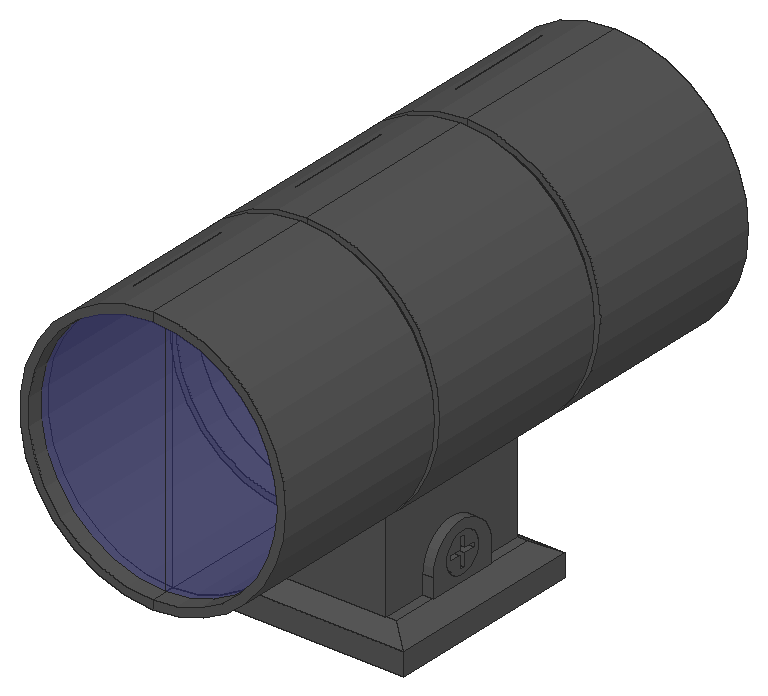
Revit family "CARLO CYLINDER LIGHT WALL MOUNT", category Lighting Fixtures, host Face, Revit 2020 (continued)
Types (10): name | Wattage_Input | Wattage Comments | Wattage | Photometric Web File | built-in parameter 1150142 | Model | built-in parameter 1150105 | Lumens | Light Length 1 | LIGHT RADIUS | LIGHT PLACEMENT | LIGHT LENGTH | LIGHT DIA | built-in parameter 1150106 | FIXED END HEIGHT | Curve base Height | Base Curve | BEAMING ANGLE | Apparent Load
    7262 0.23335 0.30274 0.36904 0.44581 0.549 \r\n 0.65972 0.75677 0.86301 1.0036 1.1504 1.2744 1.4031 1.5599 1.7274 1.8977 \r\n 2.0687 2.2276 2.3979 2.6128 2.83 3.0018 3.1772 3.4012 3.6377 3.8595 \r\n 4.0857 4.3319 4.5819 4.8195 5.0594 5.3142 5.5736 5.8296 6.0871 6.3469 \r\n 6.6132 6.895 7.1791 7.4507 7.7234 8.0114 8.298 8.5656 8.8306 9.1087 \r\n 9.3852 9.6574 9.9049 10.087 10.262 10.492 10.721 10.899 11.075 11.292 \r\n 11.527 11.768 12.028 12.316 12.636 12.997 13.392 13.808 14.265 14.786 \r\n 15.352 15.945 16.581 17.262 18 18.776 19.677 20.737 22.1 24.045 \r\n 26.201 28.124 30.304 33.104 36.459 38.878 45.003 60.932 80.805 100.39 \r\n 120.89 140.92 163.97 194.59 228.15 261.25 294.69 328.37 361.54 393.63 \r\n 423.91 451.83 476.27 495.22 510.82 524.12 536.33 549.21 562.07 574.79 \r\n 587.45 600.04 612.73 625.71 638.89 652.2 665.8 679.87 694.34 708.92 \r\n 724.44 741.62 760.53 781.37 804.5 831.26 858.97 885.21 910.45 934.29 \r\n 957 978.72 999.37 1018.9 1037.4 1054.9 1071.6 1087.5 1102.7 1117.4 \r\n 1131.6 1145.4 1158.7 1171.7 1184.3 1196.7 1208.4 1219.3 1229.5 1239.2 \r\n 1248.8 1258.4 1268.2 1278.4 1288.8 1299.7 1310.3 1320 1329.1 1337.6 \r\n 1345.3 1352.1 1357.9 1362.9 1367.1 1370.3 1372.7 1374 1375.2 1376.9 \r\n 1379.1 1381.5 1384.2 1387.3 1390.1 1392.1 1393.6 1395.4 1396.8 1397 \r\n 1412.7 \r\n1391.1 1398.2 1397.9 1396.5 1394.3 1391.8 1388.9 1385.3 1381.5 1377.7 \r\n 1374.3 1371.7 1369.8 1368.6 1367.2 1364.4 1360.6 1355.7 1349.9 1343.7 \r\n 1336.8 1329.2 1321 1312.4 1303.4 1294 1284.1 1273.7 1263 1252.8 \r\n 1242.7 1232.9 1222.8 1211.9 1200.2 1187.8 1174.9 1161.4 1147.6 1133.5 \r\n 1118.8 1102.8 1086.4 1070.4 1053.9 1035.5 1016 995.8 974.64 952.27 \r\n 929.16 905.9 881.9 856.11 830.53 806.83 784.86 765.22 747.25 730.49 \r\n 714.99 701.03 687.54 673.32 659.17 645.72 632.37 618.48 604.73 591.76 \r\n 579.02 566.08 553.29 541.28 528.79 515.69 499.14 475.22 447.13 416.56 \r\n 384.17 351.12 317.66 284.51 251.4 217.92 185.21 153.96 125.11 99.656 \r\n 78.05 61.117 48.723 42.003 37.978 33.711 30.213 27.654 25.631 23.778 \r\n 22.162 20.715 19.463 18.434 17.552 16.75 16.033 15.392 14.808 14.251 \r\n 13.736 13.271 12.839 12.426 12.03 11.641 11.279 10.968 10.687 10.412 \r\n 10.163 9.9575 9.7708 9.5776 9.3993 9.2572 9.1268 8.9956 8.8499 8.6608 \r\n 8.4615 8.2888 8.1035 7.8652 7.615 7.3898 7.1615 6.9095 6.6485 6.3867 \r\n 6.1235 5.8583 5.5991 5.356 5.1226 4.9034 4.6767 4.4078 4.1411 3.9215 \r\n 3.7133 3.4892 3.269 3.0657 2.8727 2.6931 2.5117 2.3121 2.12 1.9672 \r\n 1.8188 1.6383 1.4633 1.3283 1.207 1.0854 0.96228 0.82609 0.69453 0.58301 \r\n 0.48696 0.41173 0.34297 0.26238 0.18727 0.13296 0.087212 0.037353 0.000086 0 \r\n 0.0092012 0.059115 0.11699 0.15187 0.18981 0.25148 0.32219 0.38951 0.46732 0.57167 \r\n 0.68356 0.78178 0.88898 1.0298 1.1771 1.3028 1.4336 1.5929 1.7623 1.9323 \r\n 2.1028 2.2642 2.4365 2.6494 2.8644 3.0373 3.2143 3.4382 3.675 3.8992 \r\n 4.1284 4.3774 4.629 4.8644 5.1024 5.3609 5.6231 5.8741 6.127 6.3921 \r\n 6.6642 6.9444 7.225 7.4945 7.7665 8.0577 8.3469 8.6106 8.8723 9.1549 \r\n 9.4368 9.709 9.9558 10.14 10.318 10.554 10.789 10.969 11.147 11.366 \r\n 11.603 11.842 12.101 12.396 12.724 13.091 13.491 13.911 14.375 14.907 \r\n 15.486 16.094 16.743 17.435 18.189 18.988 19.935 21.093 22.563 24.588 \r\n 26.801 28.734 30.94 33.821 37.363 39.857 46.793 65.741 88.757 109.73 \r\n 130.73 150.41 172.96 203.92 237.88 270.87 304.05 337.52 370.48 402.52 \r\n 432.53 459.5 482.74 500.45 515.08 528.33 540.71 553.42 566.11 578.89 \r\n 591.59 603.98 616.43 629.28 642.35 655.5 668.99 683.09 697.62 712.13 \r\n 727.75 745.53 765.21 786.76 810.44 837.29 864.9 891.13 916.22 939.49 \r\n 961.54 982.85 1003.1 1022.2 1040.3 1057.6 1074 1089.6 1104.5 1118.9 \r\n 1132.9 1146.8 1160.2 1173 1185.5 1197.7 1209.4 1220 1230.1 1240 \r\n 1249.8 1259.5 1269.4 1279.8 1290.4 1301.5 1312.2 1321.9 1330.9 1339.7 \r\n 1347.7 1354.4 1360.1 1365.1 1369.2 1372.3 1374.5 1376 1377.3 1379 \r\n 1381.1 1383.6 1386.4 1389.5 1392.3 1394 1395.3 1397.1 1398.3 1398.4 \r\n 1412.7 \r\n1391.1 1396.9 1396.6 1395.2 1393.1 1390.5 1387.5 1384.1 1380.5 1376.9 \r\n 1373.7 1371.4 1369.6 1368.5 1367 1364.1 1360.2 1355.3 1349.6 1343.4 \r\n 1336.5 1328.9 1320.7 1312 1302.8 1293.2 1283.1 1272.4 1261.7 1251.7 \r\n 1241.9 1232.2 1222.2 1211.4 1199.9 1187.7 1174.9 1161.7 1148.2 1134.5 \r\n 1120.2 1104.6 1088.5 1072.8 1056.4 1038.4 1019.4 999.55 978.73 956.71 \r\n 933.87 910.7 886.7 860.99 835.23 810.67 787.69 767.41 748.96 731.83 \r\n 716.02 701.69 687.9 673.47 659.26 645.99 632.87 619.03 605.35 592.64 \r\n 580.18 567.4 554.71 542.68 530.29 517.67 501.98 479.66 453.11 423.13 \r\n 390.96 358.07 324.62 291.39 258.04 224.1 190.8 158.82 129.48 104.66 \r\n 83.379 64.701 50.303 42.797 38.449 34.11 30.648 27.959 25.815 23.967 \r\n 22.376 20.899 19.607 18.554 17.657 16.847 16.13 15.493 14.912 14.348 \r\n 13.824 13.353 12.918 12.511 12.122 11.731 11.366 11.054 10.773 10.503 \r\n 10.259 10.057 9.8756 9.6911 9.5183 9.3687 9.2289 9.0963 8.9507 8.7593 \r\n 8.5571 8.381 8.1926 7.9527 7.6997 7.4655 7.2301 6.9828 6.7277 6.4636 \r\n 6.1965 5.9302 5.6698 5.4222 5.1848 4.9648 4.7394 4.4751 4.2107 3.9815 \r\n 3.7637 3.5427 3.3265 3.117 2.9179 2.7405 2.564 2.36 2.1624 2.0081 \r\n 1.8597 1.6806 1.5061 1.3668 1.2409 1.1182 0.99494 0.85765 0.72479 0.61232 \r\n 0.51437 0.43375 0.36042 0.28134 0.20828 0.15129 0.10242 0.053197 0.015296 0.0043134 \r\n 0.017365 0.065893 0.12252 0.16165 0.20466 0.26812 0.34089 0.41405 0.49735 0.60215 \r\n 0.71463 0.81924 0.93249 1.0721 1.2187 1.3529 1.4921 1.6523 1.8199 1.9866 \r\n 2.1561 2.3259 2.5056 2.7122 2.9211 3.1034 3.2899 3.5088 3.7387 3.9632 \r\n 4.1948 4.4474 4.7008 4.9311 5.1633 5.4207 5.6834 5.9347 6.1879 6.4525 \r\n 6.7235 7.0012 7.2793 7.5477 7.8185 8.107 8.3932 8.6547 8.9144 9.1963 \r\n 9.474 9.7291 9.9612 10.151 10.336 10.562 10.787 10.972 11.158 11.381 \r\n 11.621 11.862 12.124 12.425 12.76 13.132 13.538 13.973 14.451 14.99 \r\n 15.576 16.195 16.86 17.567 18.349 19.188 20.224 21.603 23.282 25.33 \r\n 27.558 29.652 32.059 35.017 38.831 42.145 50.18 70.31 94.715 117.36 \r\n 140.25 162.26 186.72 218.09 251.88 284.78 317.75 350.99 383.52 414.88 \r\n 443.82 468.96 490.26 506.4 519.87 532.73 544.99 557.46 569.93 582.44 \r\n 594.97 607.42 620.02 632.99 646.19 659.45 673.05 687.26 702.03 717.1 \r\n 733.4 751.8 772.22 795.04 819.82 846.86 874.28 900.2 924.87 947.72 \r\n 969.31 990.12 1009.9 1028.4 1045.9 1062.8 1078.9 1094 1108.6 1122.9 \r\n 1136.8 1150.7 1164.1 1176.7 1188.9 1200.9 1212.4 1222.9 1232.9 1242.9 \r\n 1252.8 1262.7 1272.9 1283.6 1294.4 1305.3 1315.7 1325.1 1334 1342.6 \r\n 1350.5 1356.9 1362.4 1367.3 1371.2 1374 1376 1377.5 1378.9 1380.7 \r\n 1382.9 1385.7 1388.6 1391.7 1394.4 1396 1397.1 1398.5 1399.4 1399.3 \r\n 1412.7 \r\n1391.1 1395.5 1395.1 1393.8 1391.7 1389 1385.9 1382.7 1379.3 1376 \r\n 1373 1371 1369.3 1368.2 1366.6 1363.5 1359.5 1354.7 1349.2 1342.9 \r\n 1335.9 1328.4 1320.2 1311.4 1302 1292 1281.7 1270.8 1260.1 1250.4 \r\n 1240.9 1231.3 1221.2 1210.5 1199.2 1187.1 1174.6 1161.7 1148.5 1135.3 \r\n 1121.4 1106.2 1090.4 1074.8 1058.6 1041.1 1022.5 1003 982.55 960.9 \r\n 938.33 915.17 891.12 865.58 839.77 814.43 790.51 769.59 750.62 733.1 \r\n 716.94 702.17 687.99 673.35 659.09 646 633.11 619.36 605.79 593.35 \r\n 581.18 568.57 555.99 543.91 531.54 519.1 504.03 483.37 458.52 429.28 \r\n 397.47 364.78 331.36 298.04 264.45 230.02 196.2 163.74 134.17 110 \r\n 88.987 68.628 52.253 43.796 38.95 34.517 31.108 28.274 25.995 24.149 \r\n 22.588 21.087 19.762 18.682 17.764 16.947 16.229 15.597 15.018 14.448 \r\n 13.916 13.439 13.002 12.601 12.22 11.829 11.461 11.148 10.867 10.604 \r\n 10.368 10.17 9.9932 9.819 9.6531 9.4951 9.344 9.2072 9.0594 8.8666 \r\n 8.6621 8.4795 8.2848 8.0448 7.7907 7.5456 7.3006 7.0574 6.8083 6.5427 \r\n 6.2724 6.0052 5.7432 5.4913 5.2494 5.0266 4.8009 4.5437 4.2839 4.0439 \r\n 3.8149 3.5973 3.3858 3.17 2.9643 2.7892 2.6156 2.408 2.2055 2.0481 \r\n 1.8981 1.7225 1.5508 1.4067 1.2749 1.1503 1.0265 0.88908 0.75619 0.64329 \r\n 0.54353 0.45683 0.37836 0.30161 0.23147 0.17152 0.11919 0.071282 0.033248 0.018605 \r\n 0.027035 0.072192 0.12567 0.16986 0.21923 0.28451 0.35926 0.43907 0.52855 0.63332 \r\n 0.746 0.8582 0.9786 1.1165 1.2618 1.4054 1.5542 1.7145 1.8795 2.0426 \r\n 2.2111 2.3907 2.579 2.7782 2.9802 3.1737 3.3711 3.5837 3.8048 4.0296 \r\n 4.2639 4.5195 4.7743 4.9998 5.2263 5.4816 5.7437 5.996 6.2502 6.5134 \r\n 6.7821 7.0569 7.3323 7.6 7.8696 8.1535 8.435 8.6945 8.9521 9.2316 \r\n 9.5025 9.7371 9.9518 10.149 10.342 10.554 10.765 10.955 11.151 11.378 \r\n 11.621 11.866 12.132 12.439 12.78 13.155 13.567 14.018 14.511 15.056 \r\n 15.645 16.275 16.955 17.678 18.489 19.373 20.506 22.126 24.029 26.082 \r\n 28.31 30.596 33.24 36.259 40.378 44.812 54.104 74.887 100.11 124.37 \r\n 149.33 174.17 201.01 232.75 266.23 299.04 331.82 364.78 396.83 427.37 \r\n 455.09 478.27 497.54 512.18 524.58 537.04 549.18 561.41 573.63 585.84 \r\n 598.17 610.74 623.56 636.71 650.09 663.5 677.27 691.61 706.65 722.39 \r\n 739.47 758.49 779.66 803.79 829.69 856.89 884.04 909.55 933.72 956.19 \r\n 977.39 997.7 1016.9 1034.8 1051.8 1068.3 1084 1098.8 1113 1127.2 \r\n 1141.1 1155 1168.3 1180.8 1192.7 1204.4 1215.7 1226.1 1236.1 1246.1 \r\n 1256.1 1266.3 1276.7 1287.8 1298.8 1309.4 1319.4 1328.5 1337.1 1345.5 \r\n 1353.1 1359.4 1364.7 1369.3 1373 1375.5 1377.3 1378.8 1380.3 1382.3 \r\n 1384.7 1387.7 1390.8 1393.8 1396.3 1397.8 1398.9 1399.9 1400.4 1400 \r\n 1412.7 \r\n1391.1 1394.1 1393.6 1392.3 1390.3 1387.5 1384.3 1381.2 1378.1 1375 \r\n 1372.4 1370.6 1369.1 1367.9 1366.1 1362.9 1358.7 1354.1 1348.8 1342.4 \r\n 1335.3 1327.9 1319.9 1310.9 1301.2 1291 1280.3 1269.3 1258.6 1249.2 \r\n 1240.1 1230.4 1220.3 1209.7 1198.6 1186.7 1174.4 1161.8 1149 1136.1 \r\n 1122.6 1107.8 1092.4 1077 1060.9 1043.7 1025.6 1006.5 986.35 965.06 \r\n 942.78 919.61 895.51 870.2 844.46 818.47 793.73 772.17 752.65 734.7 \r\n 718.16 702.88 688.28 673.45 659.15 646.19 633.49 619.86 606.41 594.22 \r\n 582.3 569.86 557.36 545.22 532.81 520.35 505.7 486.71 463.66 435.34 \r\n 404.06 371.66 338.32 304.92 271.1 236.23 201.96 169.24 139.58 115.9 \r\n 94.977 73.027 54.758 45.165 39.605 35.015 31.641 28.647 26.224 24.365 \r\n 22.824 21.302 19.948 18.836 17.89 17.064 16.343 15.711 15.134 14.557 \r\n 14.017 13.534 13.095 12.698 12.322 11.932 11.564 11.249 10.967 10.71 \r\n 10.482 10.288 10.114 9.9499 9.7907 9.6246 9.4621 9.3191 9.1674 8.9745 \r\n 8.7692 8.5784 8.3759 8.1374 7.8843 7.6281 7.3729 7.1327 6.8889 6.6223 \r\n 6.3498 6.0819 5.8186 5.5628 5.3165 5.089 4.8616 4.6129 4.3596 4.1088 \r\n 3.8682 3.6538 3.4467 3.2254 3.0135 2.8393 2.6672 2.4571 2.2509 2.0891 \r\n 1.9361 1.7652 1.5977 1.4485 1.3101 1.1829 1.058 0.92139 0.78936 0.67608 \r\n 0.5743 0.48133 0.39756 0.32318 0.25603 0.19303 0.13714 0.090669 0.052498 0.034284 \r\n 0.03788 0.078545 0.12772 0.17734 0.23367 0.3007 0.37728 0.46388 0.55966 0.66405 \r\n 0.77669 0.89703 1.0252 1.1608 1.3044 1.4575 1.616 1.776 1.9379 2.0976 \r\n 2.2655 2.4551 2.6522 2.8441 3.0393 3.2443 3.453 3.6585 3.8702 4.0953 \r\n 4.3325 4.5904 4.8461 5.0678 5.2895 5.5418 5.8024 6.0561 6.3116 6.573 \r\n 6.8389 7.1107 7.3835 7.6506 7.9189 8.1971 8.4725 8.7299 8.9853 9.2605 \r\n 9.5228 9.7356 9.9321 10.136 10.339 10.535 10.73 10.925 11.131 11.362 \r\n 11.608 11.856 12.128 12.44 12.786 13.164 13.581 14.048 14.557 15.105 \r\n 15.698 16.338 17.032 17.77 18.611 19.541 20.772 22.634 24.761 26.807 \r\n 29.029 31.52 34.417 37.48 41.933 47.751 58.447 79.447 104.99 130.72 \r\n 157.8 185.66 215.06 247.15 280.24 312.98 345.6 378.27 409.79 439.45 \r\n 465.89 487.1 504.39 517.67 529.15 541.26 553.27 565.28 577.27 589.19 \r\n 601.34 614.05 627.12 640.47 654.05 667.65 681.61 696.08 711.41 727.85 \r\n 745.75 765.4 787.29 812.68 839.65 866.93 893.75 918.79 942.43 964.55 \r\n 985.4 1005.2 1023.9 1041.3 1057.7 1073.8 1089.3 1103.7 1117.7 1131.7 \r\n 1145.6 1159.4 1172.7 1185 1196.6 1208.2 1219.2 1229.5 1239.4 1249.5 \r\n 1259.6 1270.1 1280.8 1292.1 1303.3 1313.5 1323.1 1331.9 1340.2 1348.3 \r\n 1355.7 1361.7 1366.8 1371.1 1374.6 1376.8 1378.5 1380 1381.6 1383.8 \r\n 1386.4 1389.7 1393 1395.8 1398.1 1399.6 1400.5 1401.1 1401.2 1400.7 \r\n 1412.7 \r\n1391.1 1392.7 1392.2 1391 1389 1386.2 1382.9 1379.9 1377 1374.2 \r\n 1371.8 1370.2 1368.8 1367.5 1365.6 1362.3 1358.1 1353.7 1348.5 1342.2 \r\n 1335.1 1327.8 1319.8 1310.8 1301 1290.5 1279.6 1268.5 1257.8 1248.7 \r\n 1239.8 1230.1 1219.9 1209.4 1198.4 1186.8 1174.7 1162.5 1149.9 1137.3 \r\n 1124.1 1109.8 1094.8 1079.4 1063.4 1046.6 1029 1010.2 990.34 969.43 \r\n 947.45 924.3 900.2 875.19 849.6 823.16 797.75 775.56 755.43 737.03 \r\n 720.06 704.28 689.24 674.23 659.89 647 634.43 620.89 607.56 595.56 \r\n 583.82 571.51 559.08 546.87 534.38 521.77 507.42 490.04 468.82 441.61 \r\n 411.09 379.11 345.92 312.47 278.46 243.25 208.67 175.84 146.14 122.6 \r\n 101.45 78.024 58.003 47.071 40.54 35.686 32.297 29.126 26.554 24.655 \r\n 23.109 21.566 20.186 19.035 18.053 17.21 16.482 15.846 15.265 14.681 \r\n 14.132 13.643 13.199 12.804 12.43 12.041 11.673 11.353 11.068 10.817 \r\n 10.595 10.401 10.228 10.072 9.9184 9.7454 9.5728 9.4226 9.2662 9.075 \r\n 8.8709 8.6718 8.4615 8.2264 7.9763 7.7111 7.4467 7.2081 6.9681 6.7012 \r\n 6.4276 6.1593 5.8949 5.6361 5.3859 5.1525 4.922 4.6824 4.4367 4.1764 \r\n 3.9249 3.7127 3.5093 3.2841 3.0674 2.8924 2.7201 2.5087 2.3003 2.1332 \r\n 1.9762 1.8102 1.6472 1.4932 1.3481 1.2174 1.091 0.95555 0.82497 0.71083 \r\n 0.60648 0.50759 0.41881 0.34608 0.28115 0.21516 0.15585 0.11042 0.07169 0.050342 \r\n 0.049569 0.08549 0.12998 0.18492 0.24814 0.31674 0.39488 0.48783 0.58947 0.6932 \r\n 0.80566 0.93417 1.07 1.2034 1.3448 1.5065 1.6736 1.833 1.992 2.1491 \r\n 2.317 2.516 2.7213 2.9065 3.0956 3.3114 3.5305 3.729 3.9313 4.1572 \r\n 4.3974 4.6567 4.9125 5.1322 5.3508 5.5999 5.8582 6.1131 6.37 6.6296 \r\n 6.8927 7.1617 7.432 7.6988 7.9658 8.2374 8.5058 8.7609 9.0138 9.2831 \r\n 9.5354 9.7273 9.9065 10.118 10.327 10.508 10.688 10.887 11.102 11.336 \r\n 11.584 11.838 12.115 12.432 12.782 13.162 13.584 14.066 14.59 15.142 \r\n 15.737 16.385 17.092 17.843 18.713 19.688 21.013 23.101 25.434 27.471 \r\n 29.685 32.376 35.523 38.608 43.421 50.854 63.088 83.967 109.4 136.41 \r\n 165.46 196.22 228.11 260.52 293.25 325.95 358.43 390.8 421.78 450.55 \r\n 475.77 495.14 510.62 522.77 533.53 545.35 557.27 569.08 580.89 592.58 \r\n 604.58 617.43 630.75 644.3 658.08 671.88 686.03 700.64 716.22 733.33 \r\n 752.02 772.28 794.86 821.38 849.27 876.56 903.02 927.54 950.64 972.43 \r\n 992.98 1012.4 1030.6 1047.4 1063.4 1079.2 1094.4 1108.5 1122.2 1136.2 \r\n 1150.1 1163.9 1177.1 1189.1 1200.6 1211.9 1222.8 1232.9 1242.8 1252.9 \r\n 1263.2 1273.9 1284.9 1296.5 1307.7 1317.6 1326.7 1335.2 1343.2 1351 \r\n 1358 1363.8 1368.7 1372.8 1376 1378 1379.6 1381.1 1382.8 1385.2 \r\n 1388 1391.6 1395.1 1397.7 1399.8 1401.2 1402 1402.3 1402 1401.3 \r\n 1412.7 \r\n1391.1 1391.7 1391.2 1390.1 1388.4 1385.7 1382.5 1379.5 1376.6 1374 \r\n 1371.6 1370 1368.5 1367.1 1365.2 1362.1 1358.2 1354.1 1349.3 1343.1 \r\n 1336.2 1329.1 1321.3 1312.4 1302.7 1292.3 1281.5 1270.5 1259.8 1250.6 \r\n 1241.6 1231.8 1221.6 1211.2 1200.4 1189 1177.3 1165.2 1152.9 1140.4 \r\n 1127.3 1113.2 1098.4 1083.3 1067.4 1050.9 1033.5 1015 995.5 974.97 \r\n 953.35 930.49 906.65 882.01 856.68 830.21 804.52 781.66 760.79 741.87 \r\n 724.48 708.3 692.96 677.81 663.38 650.34 637.63 624.1 610.8 598.72 \r\n 586.92 574.66 562.29 550.01 537.47 524.78 510.77 494.8 475.3 449.64 \r\n 420.42 389.19 356.38 322.96 288.85 253.73 219.19 186.3 156.22 131.6 \r\n 109.08 84.39 62.964 50.133 41.976 36.682 33.253 29.897 27.176 25.156 \r\n 23.526 21.958 20.565 19.359 18.319 17.444 16.694 16.038 15.441 14.843 \r\n 14.284 13.785 13.333 12.927 12.544 12.153 11.783 11.453 11.158 10.903 \r\n 10.679 10.478 10.299 10.141 9.9878 9.8141 9.6397 9.4834 9.323 9.1387 \r\n 8.9422 8.7401 8.5268 8.2989 8.0565 7.7919 7.5257 7.2847 7.0428 6.7765 \r\n 6.5041 6.2366 5.9724 5.7133 5.461 5.22 4.9843 4.7525 4.515 4.2506 \r\n 3.9926 3.7789 3.5756 3.3526 3.1369 2.9568 2.7794 2.57 2.3634 2.1909 \r\n 2.0286 1.8646 1.7038 1.5459 1.3955 1.2605 1.1312 0.99698 0.86747 0.74967 \r\n 0.64055 0.53809 0.44625 0.37125 0.30429 0.23597 0.17433 0.12707 0.086469 0.065876 \r\n 0.065279 0.095885 0.13738 0.19613 0.26397 0.33312 0.41162 0.50813 0.61306 0.71579 \r\n 0.82803 0.96336 1.1056 1.2369 1.3755 1.5405 1.7114 1.8705 2.0284 2.1857 \r\n 2.3553 2.5603 2.7705 2.9527 3.1389 3.3609 3.5853 3.7779 3.9736 4.2018 \r\n 4.4456 4.7039 4.9588 5.1819 5.4034 5.6494 5.9037 6.1581 6.4153 6.675 \r\n 6.9377 7.2046 7
